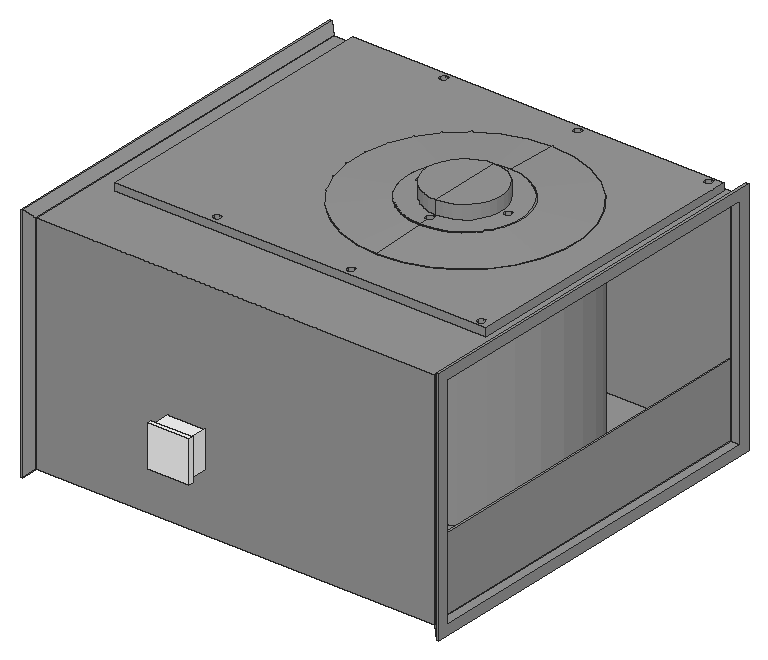
Revit family "RKB 800x500 A3 EC_7480106", category Mechanical Equipment, Revit 2014
Parameters (values of type "RKB 800X500 A3 EC")
  Wiring diagram = "4040147"
  Width = 913 mm
  Weight = 55.50 kg
  Voltage range = "380-480 V"
  Voltage = 400 V
  Speed = "1400 rpm"
  Sound pressure level at 3 m = "64 dB(A)"
  Power = 1260 W
  Phase = 3
  Max. temperature of transported air when speed controlled = 60 °C
  Max. temperature of transported air = 60 °C
  Main Material = Steel, Galvanized
  Height = 595 mm
  Frequency = 50 Hz
  Elevation [instance] = 2600 mm
  Description = "UNINSULATED DUCT FANS WITH RECTANGULAR CONNECTIONS"
  Depth = 843 mm
  Current = 1.96 A
  Connector Height = 500 mm
  Connector Width = 800 mm
  Capacitor = "- μF"
Reference planes
  plane 1 "Center (Front/Back)": y = 0
  plane 2: z = 0
  plane 3 "Center (Left/Right)": x = 0
  plane 4: x = -456.5
  plane 5: x = 456.5
  plane 6: y = 421.5
  plane 7: y = -421.5
  plane 8: z = 2600
  plane 9: z = 3195
Dimensions and locks
  equal spacing: plane 4, plane 3 "Center (Left/Right)", plane 5
  "Width": plane 4 to plane 5
  equal spacing: plane 6, plane 1 "Center (Front/Back)", plane 7
  "Depth": plane 6 to plane 7
  "Elevation": plane 8 to level
  "Height": plane 9 to plane 8
  aligned and locked: level to plane 2
  aligned and locked: nested 1 to plane 1 "Center (Front/Back)"
  aligned and locked: plane 1 "Center (Front/Back)" to nested 2
  aligned and locked: plane 3 "Center (Left/Right)" to nested 2
  aligned and locked: nested 2 to plane 8
  aligned and locked: plane 3 "Center (Left/Right)" to nested 1
Nested families
  nested 1: "Flow direction symbol" at (0, 0, 0), type "Flow direction symbol"
  nested 2: "RKB" at (0, 0, 2563.5), type "RKB"
Connectors
  hvac at (-456.5, 0, 2879.25), driven by "Connector Height", driven by "Connector Width"
    settings: on nested 2, index 1, duct flow 0.0 L/s, flow factor 0, pres drop 0.0 Pa, loss coef 0, conn angle 0.00°, conn width 800 mm, conn height 500 mm, conn diameter 609.6 mm, duct sys type 1, conn prof type 1, flow config 0, flow direction 1, loss method 0, conn ref index -1, conn util no, is conn primary yes, conn desc ""
  hvac at (456.5, 0, 2879.25), driven by "Connector Height", driven by "Connector Width"
    settings: on nested 2, index 2, duct flow 0.0 L/s, flow factor 0, pres drop 0.0 Pa, loss coef 0, conn angle 0.00°, conn width 800 mm, conn height 500 mm, conn diameter 609.6 mm, duct sys type 3, conn prof type 1, flow config 0, flow direction 2, loss method 0, conn ref index -1, conn util no, is conn primary no, conn desc ""
  electrical at (-107.218, -455.269, 2781.959), driven by "Phase", driven by "Voltage", driven by "Power"
    settings: on nested 2, index 3, voltage 400 V, apparent load 0 VA, apparent load phase1 1260 VA, apparent load phase2 0 VA, apparent load phase3 0 VA, power factor 1, load classification "HVAC", number of poles 3, system type 31, power factor state 1, is connector primary yes, connector utility no, sub classification motor no, connector description ""
Definition of nested family "RKB"
  Parameters (values of type "RKB")
    Width = 913 mm
    Main Material = Steel, Galvanized
    Height = 595 mm
    Description = ""
    Depth = 843 mm
    Connector Width = 800 mm
    Connector Heigth = 500 mm
  Reference planes
    plane 1 "Center (Front/Back)": y = 0
    plane 2: z = 0
    plane 3 "Center (Left/Right)": x = 0
    plane 4: x = -456.5
    plane 5: x = 456.5
    plane 6: y = 421.5
    plane 7: y = -421.5
    plane 8: z = 595
    plane 9: z = 119
    plane 10: z = 297.5
    plane 11: z = 47.5
    plane 12: y = 400
    plane 13: y = -400
    plane 14: y = 76.078
    plane 15: x = 114.664
    plane 16: z = 558.5
    plane 17: z = 36.5
  Forms (mm)
    Sweep 1, solid, material "Steel, Galvanized" <- "Main Material", detail levels medium+fine
      path origin (-456.5, 864.407, 1200) x (0, 1, 0) y (0, 0, 1)
        loop
          line (-442.907, -1163.5) -> (-442.907, -641.5) -> (-1285.907, -641.5) -> (-1285.907, -1163.5) -> (-442.907, -1163.5)
      profile origin (-456.5, 421.5, 297.5) x (0, -1, 0) y (1, 0, 0)
        loop
          line (22.203, 21.231) -> (16.231, 21.231) -> (0, 5) -> (0, 0) -> (22.203, 0) -> (22.203, 21.231)
    Revolve 2, solid, material "Steel, Galvanized" <- "Main Material", detail levels medium+fine
      sketch origin (114.664, -39.243, 1192.093) x (0, -1, 0) y (0, 0, 1)
        loop
          line (-115.321, -1160.297) -> (-115.321, -597.093) -> (-195.321, -597.093) -> (-195.321, -626.585) -> (-237.885, -626.585) -> (-238.629, -627.649) -> (-355.321, -633.593) -> (-355.321, -1160.297) -> (-115.321, -1160.297)
        axis (-115.321, -597.093) -> (-115.321, -1160.297)
      angle from 0 to 360
    Sweep 3, void
      path origin (58.455, 35, 1200) x (-1, 0, 0) y (0, 0, 1)
        loop
          line (-1.25, -702.203) -> (-1.25, -577.203)
      profile origin (59.705, 35, 560.297) x (1, 0, 0) y (0, 1, 0)
        loop
          circle (339.999, -270.022) r 8
        loop
          circle (54.959, -268.831) r 8
        loop
          circle (55.014, 136.078) r 8
        loop
          circle (-40.037, 40.151) r 8
        loop
          circle (-237.449, -268.831) r 8
        loop
          circle (149.959, 41.078) r 8
        loop
          circle (54.959, -53.922) r 8
        loop
          circle (339.999, 350.207) r 8
        loop
          circle (54.959, 349.016) r 8
        loop
          circle (-237.449, 349.016) r 8
    Sweep 4, solid, material "Steel, Galvanized" <- "Main Material", detail levels coarse
      path origin (0, 0, 0) x (1, 0, 0) y (0, 1, 0)
        loop
          line (-456.5, 0) -> (456.5, 0)
      profile origin (0, 0, 0) x (0, 1, 0) y (0, 0, 1)
        loop
          line (421.5, 595) -> (-421.5, 595) -> (-421.5, 36.5) -> (421.5, 36.5) -> (421.5, 595)
    Sweep 5, solid, material "Steel, Galvanized" <- "Main Material", detail levels medium+fine
      path origin (0, 0, 0) x (0, 1, 0) y (0, 0, 1)
        loop
          line (399.297, 58.703) -> (399.297, 218.703)
      profile origin (0, 399.297, 138.703) x (0, -1, 0) y (1, 0, 0)
        loop
          line (0, -435.269) -> (798.595, -435.269) -> (798.595, -432.269) -> (0, -432.269) -> (0, -435.269)
        loop
          line (0, 435.269) -> (0, 432.269) -> (798.595, 432.269) -> (798.595, 435.269) -> (0, 435.269)
    Sweep 6, solid, material "Plastic", detail levels medium+fine
      path origin (0, 0, 0) x (1, 0, 0) y (0, 1, 0)
        loop
          line (-107.218, -405.269) -> (-107.218, -445.269)
      profile origin (-107.218, -425.269, 0) x (1, 0, 0) y (0, 0, 1)
        loop
          line (-40, 178.459) -> (40, 178.459) -> (40, 258.459) -> (-40, 258.459) -> (-40, 178.459)
    Sweep 7, solid, material "Plastic", detail levels medium+fine
      path origin (0, 0, 0) x (1, 0, 0) y (0, 1, 0)
        loop
          line (-107.218, -445.269) -> (-107.218, -455.269)
      profile origin (-107.218, -450.269, 0) x (1, 0, 0) y (0, 0, 1)
        loop
          line (-45, 263.459) -> (-45, 173.459) -> (45, 173.459) -> (45, 263.459) -> (-45, 263.459)
    Extrusion 8, solid, material "Steel, Galvanized" <- "Main Material"
      sketch origin (0, 0, 140) x (0, 1, 0) y (0, 0, 1)
        loop
          line (399.297, 402.269) -> (399.297, 418.5) -> (-249.112, 418.5) -> (-249.112, 402.269) -> (399.297, 402.269)
      from -387.655 to 420
    Sweep 9, solid, material "Steel, Galvanized" <- "Main Material", detail levels medium+fine
      path origin (456.5, 864.407, 1200) x (0, 1, 0) y (0, 0, -1)
        loop
          line (-442.907, 1163.5) -> (-1285.907, 1163.5) -> (-1285.907, 641.5) -> (-442.907, 641.5) -> (-442.907, 1163.5)
      profile origin (456.5, 421.5, 297.5) x (0, 1, 0) y (-1, 0, 0)
        loop
          line (-22.203, 21.231) -> (-22.203, 0) -> (0, 0) -> (0, 5) -> (-16.231, 21.231) -> (-22.203, 21.231)
    Extrusion 10, solid, material "Steel, Galvanized" <- "Main Material"
      sketch origin (0, 0, 0) x (0, 1, 0) y (0, 0, 1)
        loop
          line (405.269, 542.269) -> (-405.269, 542.269) -> (-405.269, 52.731) -> (405.269, 52.731) -> (405.269, 542.269)
        loop
          line (399.297, 536.297) -> (-399.297, 536.297) -> (-399.297, 58.703) -> (399.297, 58.703) -> (399.297, 536.297)
      from -435.269 to 435.269
  Cuts and joins
    Sweep 3 cuts Extrusion 8
    Sweep 3 cuts Revolve 2
  Dimensions and locks
    equal spacing: plane 4, plane 3 "Center (Left/Right)", plane 5
    "Width": plane 4 to plane 5
    equal spacing: plane 6, plane 1 "Center (Front/Back)", plane 7
    "Depth": plane 6 to plane 7
    "Height": plane 8 to level
    Sweep 3 sketch curve to plane 8 to Sweep 3 sketch curve = 27.797 mm locked, 97.203 mm
    locked: plane 6 to Sweep 5 sketch curve at 22.203  (x2)
    locked: plane 4 to Sweep 5 sketch curve at 21.231
    locked: Sweep 5 sketch curve to Sweep 5 sketch curve at 3  (x2)
    locked: Sweep 5 sketch curve to plane 7 at 22.203  (x2)
    locked: Sweep 5 sketch curve to plane 6 at 22.203
    locked: Sweep 5 sketch curve to plane 5 at 21.231
    Sweep 6 sketch curve to plane 7 to Sweep 6 sketch curve = 16.231 mm, 23.769 mm
    plane 7 to Sweep 7 sketch curve to Sweep 7 sketch curve = 23.769 mm, 10 mm locked
    equal spacing: plane 8, plane 10, plane 2
    plane 10 to plane 11 = 250 mm
    "Connector Width": plane 12 to plane 13
    equal spacing: plane 12, plane 1 "Center (Front/Back)", plane 13
    plane 10 to plane 16 = 261 mm
    aligned and locked: level to plane 2
    aligned and locked: plane 1 "Center (Front/Back)" to Sweep 4 sketch curve
    aligned and locked: plane 17 to Sweep 1 sketch curve
    aligned and locked: Extrusion 10 to Sweep 1
    aligned and locked: Extrusion 10 to Sweep 5
    aligned and locked: cut or joined group of Sweep 3, Extrusion 8 to Extrusion 10
    aligned and locked: cut or joined group of Revolve 2, Sweep 3 to plane 8
    aligned and locked: Sweep 4 sketch curve to cut or joined group of Revolve 2, Sweep 3
  Automatic sketch dimensions
    Sweep 1 sketch curve to plane 7 = 0 mm
    Sweep 1 sketch curve to plane 6 = 0 mm
    plane 16 to Sweep 1 sketch curve = 0 mm
    Sweep 1 sketch curve to profile plane = 0 mm
    Sweep 1 sketch curve to plane 4 = 0 mm
    Sweep 1 sketch curve to profile plane = 16.231 mm
    Sweep 1 sketch curve to Sweep 1 sketch curve = 5.972 mm
    plane 4 to Sweep 1 sketch curve = 5 mm
    plane 4 to Sweep 1 sketch curve = 21.231 mm
    profile plane to Sweep 3 sketch curve = 237.449 mm  (x2)
    profile plane to Sweep 3 sketch curve = 40.037 mm
    Sweep 3 sketch curve to profile plane = 54.959 mm  (x3)
    Sweep 3 sketch curve to profile plane = 55.014 mm
    profile plane to Sweep 3 sketch curve = 41.078 mm
    Sweep 3 sketch curve to Sweep 3 sketch curve = 285.04 mm  (x2)
    profile plane to Sweep 3 sketch curve = 40.151 mm
    Sweep 3 sketch curve to profile plane = 53.922 mm
    Sweep 3 sketch curve to profile plane = 268.831 mm
    Sweep 3 sketch curve to Sweep 3 sketch curve = 214.909 mm
    Sweep 3 sketch curve to profile plane = 270.022 mm
    Sweep 3 sketch curve to Sweep 3 sketch curve = 212.938 mm
    Sweep 3 sketch curve to Sweep 3 sketch curve = 0 mm
    Sweep 3 sketch curve to Sweep 3 sketch curve = 1.192 mm
    Sweep 4 sketch curve to plane 4 = 0 mm
    Sweep 4 sketch curve to plane 5 = 0 mm
    profile plane to Sweep 4 sketch curve = 421.5 mm
    Sweep 4 sketch curve to profile plane = 421.5 mm
    Sweep 6 sketch curve to plane 3 "Center (Left/Right)" = 107.218 mm
    profile plane to Sweep 6 sketch curve = 40 mm
    Sweep 6 sketch curve to profile plane = 40 mm
    profile plane to Sweep 6 sketch curve = 178.459 mm
    Sweep 6 sketch curve to Sweep 6 sketch curve = 80 mm
    Sweep 7 sketch curve to plane 3 "Center (Left/Right)" = 107.218 mm
    profile plane to Sweep 7 sketch curve = 45 mm
    Sweep 7 sketch curve to profile plane = 45 mm
    level to Sweep 7 sketch curve = 173.459 mm
    Sweep 7 sketch curve to Sweep 7 sketch curve = 90 mm
    Extrusion 8 sketch curve to plane 8 = 52.731 mm
    plane 13 to Extrusion 8 sketch curve = 150.888 mm
    Extrusion 8 sketch curve to plane 12 = 0.703 mm
    Extrusion 8 sketch curve to Extrusion 8 sketch curve = 16.231 mm
    Sweep 9 sketch curve to plane 7 = 0 mm
    Sweep 9 sketch curve to plane 6 = 0 mm
    plane 16 to Sweep 9 sketch curve = 0 mm
    Sweep 9 sketch curve to plane 17 = 0 mm
    Sweep 9 sketch curve to profile plane = 0 mm
    profile plane to Sweep 9 sketch curve = 0 mm
    profile plane to Sweep 9 sketch curve = 16.231 mm
    Sweep 9 sketch curve to Sweep 9 sketch curve = 5.972 mm
    profile plane to Sweep 9 sketch curve = 5 mm
    profile plane to Sweep 9 sketch curve = 21.231 mm
    Extrusion 10 sketch curve to plane 13 = 5.269 mm
    plane 13 to Extrusion 10 sketch curve = 0.703 mm
    Extrusion 10 sketch curve to plane 12 = 0.703 mm
    plane 12 to Extrusion 10 sketch curve = 5.269 mm
    plane 11 to Extrusion 10 sketch curve = 5.231 mm
    Extrusion 10 sketch curve to Extrusion 10 sketch curve = 5.972 mm  (x2)
    plane 16 to Extrusion 10 sketch curve = 16.231 mm
    plane 15 to Sweep 3 sketch curve = 54.959 mm
    profile plane to Sweep 4 sketch curve = 36.5 mm
    Sweep 3 sketch curve to Sweep 3 sketch curve = 94.945 mm
    Sweep 3 sketch curve to Sweep 3 sketch curve = 95 mm
    plane 11 to Sweep 5 sketch curve = 11.203 mm
    Sweep 5 sketch curve to plane 10 = 78.797 mm
    plane 16 to Revolve 2 sketch curve = 0 mm
    Revolve 2 sketch curve to plane 8 = 0 mm
    Revolve 2 sketch curve to plane 14 = 0 mm  (x2)
    plane 14 to Revolve 2 sketch curve = 80 mm
    Revolve 2 sketch curve to plane 16 = 5.945 mm
    Revolve 2 sketch curve to Revolve 2 sketch curve = 43.308 mm
    Revolve 2 sketch curve to plane 17 = 4.704 mm
    Revolve 2 sketch curve to plane 12 = 83.922 mm
    Revolve 2 sketch curve to plane 16 = 7.008 mm
    Revolve 2 sketch curve to Revolve 2 sketch curve = 0.744 mm
    Revolve 2 sketch curve to Revolve 2 sketch curve = 0 mm
    Revolve 2 sketch curve to Revolve 2 sketch curve = 18.846 mm
    radius of Sweep 3 sketch curve = 8 mm  (x10)
Definition of nested family "Flow direction symbol"
  Parameters (values of type "Flow direction symbol")
    Warning = "!"
    Text = "DIMENSIONS OVERCONSTRAINT"
  Reference planes
    plane 1: y = 0
    plane 2: x = 0
  Lines and regions (mm)
    detail lines
      curve 1: line (-0.506, 0.877, 0) -> (-0.506, -0.877, 0)
      curve 2: line (1.012, 0, 0) -> (-0.506, -0.877, 0)
      curve 3: line (-0.506, 0.877, 0) -> (1.012, 0, 0)
      curve 4: circle (0, 0, 0) r 1 normal (0, 0, 1)
